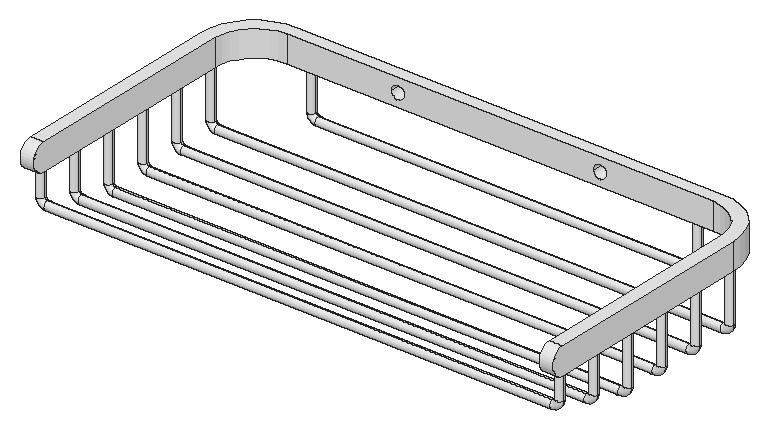
Revit family "rba-bim-rba1622-151", category Plumbing Fixtures, Revit 2016
Family settings
  Part Type = Normal
  Round Connector Dimension = Use Diameter
  Work Plane-Based = No
  Always vertical = Yes
  Cut with Voids When Loaded = No
  Shared = Yes
  Room Calculation Point = No
Parameters (values of type "RBA1622-151")
  Watermarked By = "www.rba.com.au"
  Waste Connection = yes
  Vent Connection = yes
  URL = ""
  Phone Number = "1300 788 778"
  Modified Issue = "20190326.02"
  Model = "RBA1622-151"
  Materials and Finishes = Chrome Plated Stainless Steel
  Manufacturer Model = ""
  Manufacturer = "RBA Group"  # constant formula
  HW Connection = yes
  Description = "ënda Soap Basket"
  Copyright by = "RBA Group"  # constant formula
  CW Connection = yes
Reference planes
  plane 1 "Center (Front/Back)": y = 0
  plane 2: z = 0
  plane 3 "Center (Left/Right)": x = 0
  plane 4: z = -33
  plane 5: x = 38
  plane 6: y = -105
  plane 7: z = -22
  plane 8: z = -27
  plane 9: x = -38
  plane 10: z = -23.5
  plane 11: z = -28.5
Forms (mm)
  Sweep 1, solid, material "Chrome Plated Stainless Steel" <- "Materials and Finishes"
    path origin (0, 0, 0) x (1, 0, 0) y (0, 1, 0)
      loop
        line (-100, -96.5) -> (-100, -20)
        arc (-100, -20) -> (-94.142, -5.858) -> (-80, 0) r 20
        line (-80, 0) -> (80, 0)
        arc (80, 0) -> (94.142, -5.858) -> (100, -20) r 20
        line (100, -20) -> (100, -96.5)
    profile origin (100, -58.25, 0) x (1, 0, 0) y (0, 0, 1)
      loop
        line (-5, 0) -> (-5, -10) -> (0, -10) -> (0, 0) -> (-5, 0)
  Sweep 2, solid, material "Chrome Plated Stainless Steel" <- "Materials and Finishes"
    path origin (0, 1.5, 0) x (1, 0, 0) y (0, 0, 1)
      loop
        line (-97.5, -10) -> (-97.5, -29)
        arc (-97.5, -29) -> (-96.768, -30.768) -> (-95, -31.5) r 2.5
        line (-95, -31.5) -> (95, -31.5)
        arc (95, -31.5) -> (96.768, -30.768) -> (97.5, -29) r 2.5
        line (97.5, -29) -> (97.5, -10)
    profile origin (-97.5, 1.5, -19.5) x (0, -1, 0) y (1, 0, 0)
      loop
        circle (20, 0) r 1.5
  Sweep 3, solid, material "Chrome Plated Stainless Steel" <- "Materials and Finishes"
    path origin (0, -14.5, 0) x (1, 0, 0) y (0, 0, 1)
      loop
        line (-97.5, -10) -> (-97.5, -29)
        arc (-97.5, -29) -> (-96.768, -30.768) -> (-95, -31.5) r 2.5
        line (-95, -31.5) -> (95, -31.5)
        arc (95, -31.5) -> (96.768, -30.768) -> (97.5, -29) r 2.5
        line (97.5, -29) -> (97.5, -10)
    profile origin (-97.5, -14.5, -19.5) x (0, -1, 0) y (1, 0, 0)
      loop
        circle (20, 0) r 1.5
  Sweep 4, solid, material "Chrome Plated Stainless Steel" <- "Materials and Finishes"
    path origin (0, -46.5, 0) x (1, 0, 0) y (0, 0, 1)
      loop
        line (-97.5, -10) -> (-97.5, -29)
        arc (-97.5, -29) -> (-96.768, -30.768) -> (-95, -31.5) r 2.5
        line (-95, -31.5) -> (95, -31.5)
        arc (95, -31.5) -> (96.768, -30.768) -> (97.5, -29) r 2.5
        line (97.5, -29) -> (97.5, -10)
    profile origin (-97.5, -46.5, -19.5) x (0, -1, 0) y (1, 0, 0)
      loop
        circle (20, 0) r 1.5
  Sweep 5, solid, material "Chrome Plated Stainless Steel" <- "Materials and Finishes"
    path origin (0, -30.5, 0) x (1, 0, 0) y (0, 0, 1)
      loop
        line (-97.5, -10) -> (-97.5, -29)
        arc (-97.5, -29) -> (-96.768, -30.768) -> (-95, -31.5) r 2.5
        line (-95, -31.5) -> (95, -31.5)
        arc (95, -31.5) -> (96.768, -30.768) -> (97.5, -29) r 2.5
        line (97.5, -29) -> (97.5, -10)
    profile origin (-97.5, -30.5, -19.5) x (0, -1, 0) y (1, 0, 0)
      loop
        circle (20, 0) r 1.5
  Sweep 6, solid, material "Chrome Plated Stainless Steel" <- "Materials and Finishes"
    path origin (0, -75.5, 0) x (1, 0, 0) y (0, 0, 1)
      loop
        line (-97.5, -10) -> (-97.5, -19.5)
        arc (-97.5, -19.5) -> (-96.768, -21.268) -> (-95, -22) r 2.5
        line (-95, -22) -> (95, -22)
        arc (95, -22) -> (96.768, -21.268) -> (97.5, -19.5) r 2.5
        line (97.5, -19.5) -> (97.5, -10)
    profile origin (-97.5, -75.5, -14.75) x (0, -1, 0) y (1, 0, 0)
      loop
        circle (23, 0) r 1.5
  Extrusion 7, solid, material "Chrome Plated Stainless Steel" <- "Materials and Finishes"
    sketch origin (0, -5, 0) x (0, 1, 0) y (0, 0, 1)
      loop
        line (-95, -10) -> (-91.5, -10) -> (-91.5, 0) -> (-95, 0)
        arc (-95, 0) -> (-100, -5) -> (-95, -10) r 5
    from -100 to -95
  Extrusion 8, solid, material "Chrome Plated Stainless Steel" <- "Materials and Finishes"
    sketch origin (195, -5, 0) x (0, 1, 0) y (0, 0, 1)
      loop
        line (-95, -10) -> (-91.5, -10) -> (-91.5, 0) -> (-95, 0)
        arc (-95, 0) -> (-100, -5) -> (-95, -10) r 5
    from -100 to -95
  Extrusion 9, void
    sketch origin (0, 0, 0) x (1, 0, 0) y (0, 0, 1)
      loop
        circle (-38, -5) r 2.5
      loop
        circle (38, -5) r 2.5
    from 0 to 5
  Sweep 10, solid, material "Chrome Plated Stainless Steel" <- "Materials and Finishes"
    path origin (0, -59.5, -5) x (1, 0, 0) y (0, 0, 1)
      loop
        line (-97.5, -5) -> (-97.5, -19.5)
        arc (-97.5, -19.5) -> (-96.768, -21.268) -> (-95, -22) r 2.5
        line (-95, -22) -> (95, -22)
        arc (95, -22) -> (96.768, -21.268) -> (97.5, -19.5) r 2.5
        line (97.5, -19.5) -> (97.5, -5)
    profile origin (-97.5, -59.5, -17.25) x (0, -1, 0) y (1, 0, 0)
      loop
        circle (23, 0) r 1.5
  Sweep 11, solid, material "Chrome Plated Stainless Steel" <- "Materials and Finishes"
    path origin (0, 20.5, -5) x (1, 0, 0) y (0, 0, 1)
      loop
        line (-72.5, -5) -> (-72.5, -19.5)
        arc (-72.5, -19.5) -> (-71.768, -21.268) -> (-70, -22) r 2.5
        line (-70, -22) -> (70, -22)
        arc (70, -22) -> (71.768, -21.268) -> (72.5, -19.5) r 2.5
        line (72.5, -19.5) -> (72.5, -5)
    profile origin (-72.5, 20.5, -17.25) x (0, -1, 0) y (1, 0, 0)
      loop
        circle (23, 0) r 1.5
Cuts and joins
  Extrusion 9 cuts Sweep 1
  joined: Sweep 1, Extrusion 7, Extrusion 8
Dimensions and locks
  aligned and locked: plane 2 to level
